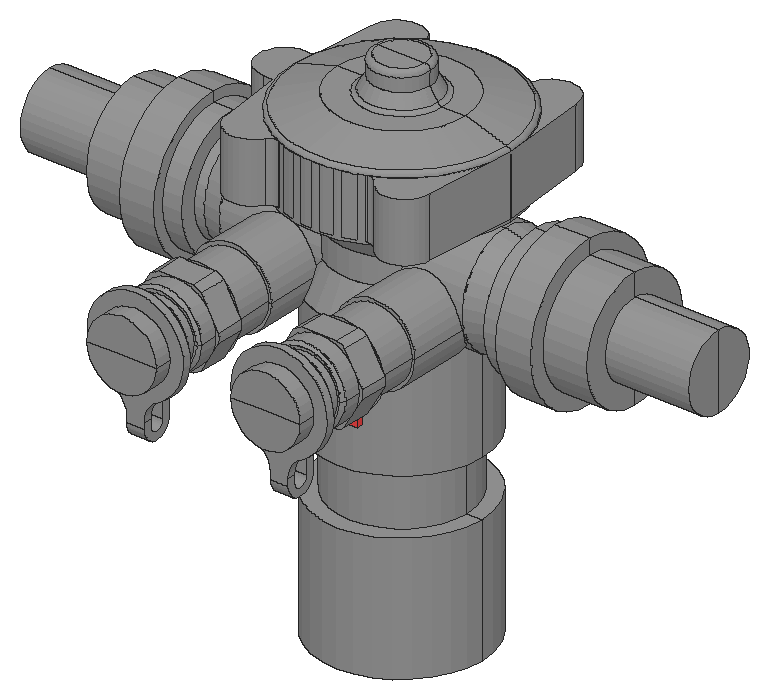
Revit family "Kombiventil 4006_M_SMART_LF_MF", category Rohrzubehör, Revit 2021
Family settings
  Bemaßung runder Anschluss = Durchmesser verwenden
  Teiletyp = Unterbricht
  OmniClass-Nummer = 23.65.55.14
  OmniClass-Titel = Valves for Liquid Services
  Arbeitsebenenbasiert = Nein
  Immer vertikal = Ja
  Beim Laden mit Abzugskörper schneiden = Nein
  Gemeinsam genutzt = Nein
Parameters (values of type "MF")
  kvs-Wert [instance] = if(and(Nennweite = 15.000 mm, LF), 0.22, if(and(Nennweite = 15.000 mm, MF), 0.36, 0))  # 0.36
  Vorgabe-Ansicht = 0.000 mm
  Min. Betriebstemperatur (reines Wasser) = 2 °C  # constant formula
  Min. Betriebstemperatur (Frostschutz) = -20 °C  # constant formula
  Max. Differenzdruck am Gehäuse = 400000.0 Pa  # constant formula
  Max. Betriebstemperatur ab DN40 = 110 °C  # constant formula
  Max. Betriebstemperatur bis DN32 = 130 °C  # constant formula
  Max. Betriebsdruck = 2500000.0 Pa  # constant formula
  VRL01 = 30.000 mm  # constant formula
  V12 = 17.000 mm  # constant formula
  V10 = 7.000 mm  # constant formula
  V09 [instance] = L06 + 4.000 mm  # 11.000 mm
  V04 [instance] = V08 + 3.000 mm  # 13.000 mm
  V03 [instance] = V08 + 5.000 mm  # 15.000 mm
  V02 [instance] = V01 + 4.500 mm  # 12.000 mm
  V01 [instance] = Nennweite / 2  # 7.500 mm
  URL = "www.herz-armaturen.at"
  Stift = "Edelstahl 14301"  # constant formula
  SCRNSEQ = "ARM;ARM_TYP=\"DURR\";2"
  SCRNCODE = "05;04;02"  # constant formula
  S09 = 10.000 mm  # constant formula
  S08 = 30.000 mm  # constant formula
  S07 [instance] = H03 + 3.700 mm  # 10.051 mm
  S04 [instance] = V03 * 2  # 30.000 mm
  S01 [instance] = L01 + L02 + VRL01 * 2  # 135.000 mm
  R17 [instance] = size_lookup("4006M_S_LF_MF", "R17", 12.500 mm, Nennweite)  # 12.500 mm
  R16 [instance] = size_lookup("4006M_S_LF_MF", "R16", 16.500 mm, Nennweite)  # 16.500 mm
  R15 = 7.225 mm  # constant formula
  R14 = 8.070 mm  # constant formula
  R13 = 3.496 mm  # constant formula
  R12 = 6.800 mm  # constant formula
  R11 = 9.620 mm  # constant formula
  R10 = 6.800 mm  # constant formula
  R09 = 16.292 mm  # constant formula
  R08 = 13.212 mm  # constant formula
  R07 = 18.816 mm  # constant formula
  R06 = 22.000 mm  # constant formula
  R05 = 12.954 mm  # constant formula
  R04 = 7.193 mm  # constant formula
  R03 = 5.755 mm  # constant formula
  R02 = 4.670 mm  # constant formula
  R01 [instance] = size_lookup("4006M_S_LF_MF", "R01", 11.000 mm, Nennweite)  # 11.000 mm
  PN = 16  # constant formula
  O-Ringe = "EPDM"  # constant formula
  V08 [instance] = size_lookup("4006M_S_LF_MF", "N2", 10.000 mm, Nennweite)  # 10.000 mm
  Nennweite/2 [instance] = size_lookup("4006M_S_LF_MF", "N1", 8.000 mm, Nennweite)  # 9.000 mm
  Nennweite [instance] = 15.000 mm
  Membrangehäuse = "Messing CW602N"  # constant formula
  Membrane = "EPDM"  # constant formula
  Medium = "Wasserbeschaffenheit nach ÖNORM H 5195 und VDI 2035.\r\nDie Verwendung von Ethylen- und Propylenglykol ist im Mischungsverhältnis 25 - 50 Vol.- [%] zulässig.\r\nIm Hanf enthaltenes Ammoniak schädigt Messingventilgehäuse. EPDM Dichtungen werden durch Mineralöle bzw.\r\nmineralölhaltige Schmierstoffe aufgequollen und führen somit zum Ausfall der EPDM-Dichtungen. Für Frost- und\r\nKorrosionsschutzmittel auf der Basis von Ethylen- und Propylenglykol sind die entsprechenden Angaben den\r\nUnterlagen des Herstellers zu entnehmen.\r\nGemäß Art 33 der REACH-Verordnung (EG Nr. 1907/2006) sind wir verpflichtet, darauf hinzuweisen, dass der\r\nStoff Blei auf der SVHC-Liste geführt wird und dass alle aus Messing bestehenden Bauteile, die in unseren\r\nErzeugnissen verarbeitet sind, mehr als 0,1 % (w/w) Blei (CAS: 7439-92-1 / EINECS: 231-100-4) enthalten. Da Blei\r\nals Legierungsbestandteil fest gebunden ist, sind keine Expositionen zu erwarten und daher sind keine zusätzlichen\r\nAngaben zur sicheren Verwendung notwendig."
  MF [instance] = yes
  LF [instance] = no
  L15 [instance] = size_lookup("4006M_S_LF_MF", "L15", 3.300 mm, Nennweite)  # 3.300 mm
  L14 [instance] = size_lookup("4006M_S_LF_MF", "L14", 43.477 mm, Nennweite)  # 43.477 mm
  L13 [instance] = size_lookup("4006M_S_LF_MF", "L13", 32.232 mm, Nennweite)  # 32.232 mm
  L12 [instance] = size_lookup("4006M_S_LF_MF", "L12", 6.497 mm, Nennweite)  # 6.497 mm
  L11 [instance] = size_lookup("4006M_S_LF_MF", "L11", 5.418 mm, Nennweite)  # 5.418 mm
  L10 [instance] = size_lookup("4006M_S_LF_MF", "L10", 12.434 mm, Nennweite)  # 12.434 mm
  L09 [instance] = size_lookup("4006M_S_LF_MF", "L09", 24.943 mm, Nennweite)  # 24.943 mm
  L08 [instance] = size_lookup("4006M_S_LF_MF", "L08", 28.260 mm, Nennweite)  # 28.260 mm
  L07 [instance] = size_lookup("4006M_S_LF_MF", "L07", 33.915 mm, Nennweite)  # 33.915 mm
  L06 = 7.000 mm  # constant formula
  L05 = 9.000 mm  # constant formula
  L04 = 21.000 mm  # constant formula
  L03 = 28.000 mm  # constant formula
  L02 = 34.000 mm  # constant formula
  L01 = 41.000 mm  # constant formula
  Impulsleitung = "Kupfer Cu-DHP (CW024A)"  # constant formula
  Hub = 4.000 mm  # constant formula
  Hersteller = "HERZ Armaturen Ges.m.b.H."  # constant formula
  H04 = 12.000 mm  # constant formula
  H03 = 6.351 mm  # constant formula
  H02 [instance] = size_lookup("4006M_S_LF_MF", "H2", 69.000 mm, Nennweite)  # 69.000 mm
  H01 [instance] = size_lookup("4006M_S_LF_MF", "H1", 35.000 mm, Nennweite)  # 35.000 mm
  H [instance] = 112.553 mm  # constant formula
  Gehäuse = "DZR Messing CC770S"  # constant formula
  E20 = 108.221 mm  # constant formula
  E19 = 5.000 mm  # constant formula
  E18 = 5.150 mm  # constant formula
  E17 = 28.850 mm  # constant formula
  E16 = 23.700 mm  # constant formula
  E15 = 21.877 mm  # constant formula
  E14 = 20.506 mm  # constant formula
  E13 = 11.063 mm  # constant formula
  E12 = 9.001 mm  # constant formula
  E11 = 10.700 mm  # constant formula
  E10 = 20.427 mm  # constant formula
  E09 = 20.075 mm  # constant formula
  E08 = 20.825 mm  # constant formula
  E07 = 5.150 mm  # constant formula
  E06 = 17.921 mm  # constant formula
  E05 = 20.519 mm  # constant formula
  E04 = 19.704 mm  # constant formula
  E03 = 18.385 mm  # constant formula
  E02 = 20.014 mm  # constant formula
  E01 = 23.000 mm  # constant formula
  Durchfluss bei Einstellung 100% [instance] = if(and(Nennweite = 15.000 mm, LF), 0.03 L/s, if(and(Nennweite = 15.000 mm, MF), 0.05 L/s, 0.0 L/s))  # 0.05 L/s
  Druckfeder = "Federstahl"  # constant formula
  Bestellnummer Verschraubung [instance] = if(and(LF, Nennweite = 15.000 mm), 1622021, if(and(MF, Nennweite = 15.000 mm), 1622021, 0))  # 1622021
  Bestellnummer [instance] = if(and(LF, Nennweite = 15.000 mm), 1400630, if(and(MF, Nennweite = 15.000 mm), 1400639, 0))  # 1400639
  Bauschutzkappe = "Kunststoff"  # constant formula
  B09 = 7.998 mm  # constant formula
  B08 = 23.556 mm  # constant formula
  B07 = 30.908 mm  # constant formula
  B06 = 39.471 mm  # constant formula
  B05 = 40.933 mm  # constant formula
  B04 = 41.901 mm  # constant formula
  B03 = 44.372 mm  # constant formula
  B02 = 45.400 mm  # constant formula
  B01 = 50.000 mm  # constant formula
  Anwendungsgebiet = "Das Kombiventil wird in allen pumpenbetriebenen Heiz- und Kühlanlagen eingesetzt. Der Regler begrenzt automatisch\r\nden Volumenstrom im gewählten Anlagenteil auf den einmal eingestellten Wert, indem alle Druckschwankungen\r\ngemessen und ausgeregelt werden. Somit sind keine Messungen erforderlich und die Regelung ist bei allen\r\nBetriebsbedingungen effektiv. Das Kombiventil regelt den Volumenstrom der ventileigenen Voreinstellung auf einen\r\nkonstanten Wert; die Membran regelt aufgrund des Druckes unmittelbar nach dem Regeleinsatz, sowie des Druckes\r\ndavor."
  Anschluss = "3/4, AG flachdichtend"  # constant formula
Types (3, lengths in mm): name | kvs-Wert | MF | LF | Durchfluss bei Einstellung 100% | Bestellnummer
  (no name) | 0.36 | yes | no | 0.05 L/s | 1400639
  LF | 0.22 | no | yes | 0.03 L/s | 1400630
  MF | 0.36 | yes | no | 0.05 L/s | 1400639
Reference planes
  plane 1 "Mitte (Vorne/hinten)": y = 0
  plane 2: z = 0
  plane 3 "Mitte (Links/rechts)": x = 0
Forms (mm)
  Revolve 1, solid, material "Messing, weicher Gelbton, geschweißt", detail levels fine
    sketch origin (0, 0, 0) x (1, 0, 0) y (0, 0, 1)
      loop
        line (-41, 9) -> (-34, 9) -> (-34, 0) -> (27, 0) -> (27, 9) -> (34, 9) -> (34, 10) -> (25, 10) -> (21, 11) -> (-28, 11) -> (-32, 10) -> (-41, 10) -> (-41, 9)
      axis (-41, 0) -> (34, 0)
    angle from 0 to 360
  Revolve 2, solid, material "Messing, weicher Gelbton, geschweißt", detail levels fine
    sketch origin (0, 0, 0) x (1, 0, 0) y (0, 0, 1)
      loop
        line (0, -69) -> (16.292, -69) -> (16.292, -43.477) -> (13.212, -43.477) -> (13.212, -32.232) -> (16.292, -32.232) -> (16.292, -6.497) -> (13.212, 0.106) -> (13.212, 5.418) -> (18.816, 12.434) -> (22, 12.434) -> (22, 24.943)
        arc (22, 24.943) -> (21.752, 25.523) -> (21.223, 25.866) r 1.085
        line (21.223, 25.866) -> (12.954, 28.26) -> (8.134, 28.26)
        arc (8.134, 28.26) -> (7.591, 28.406) -> (7.193, 28.803) r 1.086
        line (7.193, 28.803) -> (5.755, 31.294) -> (5.755, 33.915)
        arc (5.755, 33.915) -> (5.437, 34.682) -> (4.67, 35) r 1.085
        line (4.67, 35) -> (0, 35) -> (0, -69)
      axis (0, 35) -> (0, -69)
    angle from 0 to 360
  Extrusion 3, solid, material "Messing, weicher Gelbton, geschweißt", detail levels fine
    sketch origin (0, 0, 28.917) x (1, 0, 0) y (0, 1, 0)
      loop
        arc (-20.506, 17.921) -> (-21.381, 11.556) -> (-21.877, 5.15) r 108.259
        line (-21.877, 5.15) -> (-23.7, 5.15)
        arc (-23.7, 5.15) -> (-27.342, 3.642) -> (-28.85, 0) r 5.15
        arc (-28.85, 0) -> (-27.342, -3.642) -> (-23.7, -5.15) r 5.15
        line (-23.7, -5.15) -> (-21.877, -5.15)
        arc (-21.877, -5.15) -> (-21.356, -11.79) -> (-20.427, -18.385) r 108.259
        arc (-20.427, -18.385) -> (-16.688, -23.223) -> (-11.063, -20.825) r 5
        arc (-11.063, -20.825) -> (-10.143, -20.146) -> (-9.001, -20.075) r 2.019
        arc (-9.001, -20.075) -> (0, -22.001) -> (9.001, -20.075) r 22.001
        arc (9.001, -20.075) -> (10.143, -20.145) -> (11.063, -20.825) r 2.019
        arc (11.063, -20.825) -> (16.688, -23.223) -> (20.427, -18.385) r 5
        arc (20.427, -18.385) -> (22, 0) -> (20.427, 18.385) r 108.221
        arc (20.427, 18.385) -> (16.253, 23.316) -> (10.7, 20.014) r 5
        arc (10.7, 20.014) -> (9.88, 19.699) -> (9.001, 19.704) r 2.379
        arc (9.001, 19.704) -> (0, 21.663) -> (-9.001, 19.704) r 21.663
        arc (-9.001, 19.704) -> (-10.161, 19.785) -> (-11.063, 20.519) r 1.927
        arc (-11.063, 20.519) -> (-16.774, 22.818) -> (-20.506, 17.921) r 5.079
    from -15.973 to -3.973
  Revolve 4, solid, material "Messing, weicher Gelbton, geschweißt", detail levels fine
    sketch origin (0, 0, -3.3) x (1, 0, 0) y (0, 1, 0)
      loop
        line (-24.57, -7.998) -> (-24.57, -22.322) -> (-16.5, -22.322) -> (-16.5, -7.998) -> (-24.57, -7.998)
      axis (-16.5, -7.998) -> (-16.5, -22.322)
    angle from 0 to 360
  Revolve 5, solid, material "Messing, weicher Gelbton, geschweißt", detail levels fine
    sketch origin (-4, 0, -3.3) x (-1, 0, 0) y (0, -1, 0)
      loop
        line (-24.57, 7.998) -> (-16.5, 7.998) -> (-16.5, 22.322) -> (-24.57, 22.322) -> (-24.57, 7.998)
      axis (-16.5, 22.322) -> (-16.5, 7.998)
    angle from 0 to 360
  Revolve 6, solid, material "Messing, weicher Gelbton, geschweißt", detail levels fine
    sketch origin (0, 0, 0) x (1, 0, 0) y (0, 0, 1)
      loop
        line (34, 0) -> (64, 0) -> (64, 7.5) -> (47, 7.5) -> (47, 12) -> (38, 12) -> (38, 15) -> (31, 15) -> (31, 13) -> (27, 13) -> (27, 10) -> (34, 10) -> (34, 0)
      axis (27, 0) -> (64, 0)
    angle from 0 to 360
  Revolve 7, solid, material "Messing, weicher Gelbton, geschweißt", detail levels fine
    sketch origin (-7, 0, 0) x (-1, 0, 0) y (0, 0, -1)
      loop
        line (34, 0) -> (34, -10) -> (27, -10) -> (27, -13) -> (31, -13) -> (31, -15) -> (38, -15) -> (38, -12) -> (47, -12) -> (47, -7.5) -> (64, -7.5) -> (64, 0) -> (34, 0)
      axis (27, 0) -> (64, 0)
    angle from 0 to 360
Lines and regions (mm)
  model lines, detail levels coarse+medium
    curve 1: line (67.5, -15, 0) -> (67.5, 15, 0)
    curve 2: line (67.5, 15, 0) -> (-67.5, -15, 0)
    curve 3: line (-67.5, -15, 0) -> (-67.5, 15, 0)
    curve 4: line (-67.5, 15, 0) -> (67.5, -15, 0)
    curve 5: line (-67.5, 14.673, 0) -> (0, -12.434, 0)
    curve 6: line (0, -12.434, 0) -> (67.5, 14.673, 0)
    curve 7: line (0, -12.434, 0) -> (0, -24.949, 0)
    curve 8: spline (-22, -29.974, 0) -> (-21.25, -28.674, 0) -> (-19.053, -27.462, 0) -> (-15.556, -26.421, 0) -> (-11, -25.622, 0) -> (-5.694, -25.12, 0) -> (0, -24.949, 0) -> (5.694, -25.12, 0) -> (11, -25.622, 0) -> (15.556, -26.421, 0) -> (19.053, -27.462, 0) -> (21.25, -28.674, 0) -> (22, -29.975, 0) -> (21.25, -31.275, 0) -> (19.053, -32.487, 0) -> (15.556, -33.528, 0) -> (11, -34.327, 0) -> (5.694, -34.829, 0) -> (0, -35, 0) -> (-5.694, -34.829, 0) -> (-11, -34.327, 0) -> (-15.556, -33.528, 0) -> (-19.053, -32.487, 0) -> (-21.25, -31.275, 0) -> (-22, -29.974, 0)
    curve 9: line (-67.5, 0, 15) -> (-67.5, 0, -15)
    curve 10: line (-67.5, 0, -15) -> (67.5, 0, 15)
    curve 11: line (67.5, 0, 15) -> (67.5, 0, -15)
    curve 12: line (67.5, 0, -15) -> (-67.5, 0, 15)
    curve 13: line (67.638, 0, -15.031) -> (0, 0, 12.434)
    curve 14: line (0, 0, 12.434) -> (-67.5, 0, -15)
    curve 15: line (0, 0, 12.434) -> (0, 0, 24.949)
    curve 16: spline (-22, 0, 29.975) -> (-21.25, 0, 31.275) -> (-19.053, 0, 32.487) -> (-15.556, 0, 33.528) -> (-11, 0, 34.327) -> (-5.694, 0, 34.829) -> (0, 0, 35) -> (5.694, 0, 34.829) -> (11, 0, 34.327) -> (15.556, 0, 33.528) -> (19.053, 0, 32.487) -> (21.25, 0, 31.275) -> (22, 0, 29.974) -> (21.25, 0, 28.674) -> (19.053, 0, 27.462) -> (15.556, 0, 26.421) -> (11, 0, 25.622) -> (5.694, 0, 25.12) -> (0, 0, 24.949) -> (-5.694, 0, 25.12) -> (-11, 0, 25.622) -> (-15.556, 0, 26.421) -> (-19.053, 0, 27.462) -> (-21.25, 0, 28.674) -> (-22, 0, 29.975)
    curve 17: line (-67.5, 0, 15) -> (-77.5, 0, 15)
    curve 18: line (-77.5, 0, 15) -> (-67.5, 0, 0)
    curve 19: line (-67.5, 0, -15) -> (-77.5, 0, -15)
    curve 20: line (-77.5, 0, -15) -> (-67.5, 0, 0)
    curve 21: line (-67.5, 0, 0) -> (-97.5, 0, 0)
    curve 22: line (67.5, 0, 15) -> (77.5, 0, 15)
    curve 23: line (77.5, 0, 15) -> (67.5, 0, 0)
    curve 24: line (67.5, 0, -15) -> (77.5, 0, -15)
    curve 25: line (77.5, 0, -15) -> (67.5, 0, 0)
    curve 26: line (67.5, 0, 0) -> (97.5, 0, 0)
Dimensions and locks
  "H02": level to Revolve 2 sketch curve
  "L01": plane 3 "Mitte (Links/rechts)" to Revolve 1 sketch curve
  "V08": Revolve 1 sketch curve to Revolve 1 sketch curve  (x2)
  "Nennweite/2": Revolve 1 sketch curve to Revolve 1 sketch curve  (x2)
  "E01": plane 1 "Mitte (Vorne/hinten)" to Extrusion 3 sketch curve
  "L03": plane 3 "Mitte (Links/rechts)" to Revolve 1 sketch curve
  "L04": Revolve 1 sketch curve to plane 3 "Mitte (Links/rechts)"
  "L05": Revolve 1 sketch curve to Revolve 1 sketch curve  (x2)
  "L06": Revolve 1 sketch curve to Revolve 1 sketch curve  (x2)
  "L02": Revolve 1 sketch curve to plane 3 "Mitte (Links/rechts)"
  "H01": Revolve 2 sketch curve to level
  "R02": Revolve 2 sketch curve to Revolve 2 sketch curve
  "R03": Revolve 2 sketch curve to Revolve 2 sketch curve
  "R04": Revolve 2 sketch curve to Revolve 2 sketch curve
  "R05": Revolve 2 sketch curve to Revolve 2 sketch curve
  "R06": Revolve 2 sketch curve to Revolve 2 sketch curve
  "R07": Revolve 2 sketch curve to Revolve 2 sketch curve
  "R08": Revolve 2 sketch curve to Revolve 2 sketch curve  (x2)
  "R09": Revolve 2 sketch curve to Revolve 2 sketch curve  (x2)
  "L07": Revolve 2 sketch curve to plane 2
  "L08": Revolve 2 sketch curve to plane 2
  "L09": Revolve 2 sketch curve to plane 2
  "L10": Revolve 2 sketch curve to plane 2
  "L11": Revolve 2 sketch curve to plane 2
  "L12": plane 2 to Revolve 2 sketch curve
  "L13": plane 2 to Revolve 2 sketch curve
  "L14": plane 2 to Revolve 2 sketch curve
  "B09": Revolve 4 sketch curve to plane 1 "Mitte (Vorne/hinten)"
  "R14": Revolve 4 sketch curve to Revolve 4 sketch curve
  "R14": Revolve 5 sketch curve to Revolve 5 sketch curve
  "B09": plane 1 "Mitte (Vorne/hinten)" to Revolve 5 sketch curve
  "R17": plane 3 "Mitte (Links/rechts)" to Revolve 5 sketch curve
  "E02": plane 1 "Mitte (Vorne/hinten)" to Extrusion 3 sketch curve
  "E03": plane 1 "Mitte (Vorne/hinten)" to Extrusion 3 sketch curve
  "E04": plane 1 "Mitte (Vorne/hinten)" to Extrusion 3 sketch curve  (x2)
  "E05": plane 1 "Mitte (Vorne/hinten)" to Extrusion 3 sketch curve
  "E06": plane 1 "Mitte (Vorne/hinten)" to Extrusion 3 sketch curve
  "E07": plane 1 "Mitte (Vorne/hinten)" to Extrusion 3 sketch curve  (x2)
  "E03": Extrusion 3 sketch curve to plane 1 "Mitte (Vorne/hinten)"  (x2)
  "E08": Extrusion 3 sketch curve to plane 1 "Mitte (Vorne/hinten)"  (x2)
  "E09": Extrusion 3 sketch curve to plane 1 "Mitte (Vorne/hinten)"  (x2)
  "E07": Extrusion 3 sketch curve to plane 1 "Mitte (Vorne/hinten)"
  "E10": plane 3 "Mitte (Links/rechts)" to Extrusion 3 sketch curve  (x2)
  "E11": plane 3 "Mitte (Links/rechts)" to Extrusion 3 sketch curve
  "E12": plane 3 "Mitte (Links/rechts)" to Extrusion 3 sketch curve  (x2)
  "E12": Extrusion 3 sketch curve to plane 3 "Mitte (Links/rechts)"  (x2)
  "E13": Extrusion 3 sketch curve to plane 3 "Mitte (Links/rechts)"  (x2)
  "E14": Extrusion 3 sketch curve to plane 3 "Mitte (Links/rechts)"
  "E15": Extrusion 3 sketch curve to plane 3 "Mitte (Links/rechts)"  (x2)
  "E16": Extrusion 3 sketch curve to plane 3 "Mitte (Links/rechts)"  (x2)
  "E17": Extrusion 3 sketch curve to plane 3 "Mitte (Links/rechts)"
  "E10": Extrusion 3 sketch curve to plane 3 "Mitte (Links/rechts)"
  "E13": plane 3 "Mitte (Links/rechts)" to Extrusion 3 sketch curve
  "H03": Revolve 2 to Extrusion 3
  "H04": Extrusion 3 to Extrusion 3
  "R01": Revolve 1 sketch curve to Revolve 1 sketch curve
  "L06": Revolve 6 sketch curve to Revolve 6 sketch curve
  "V09": Revolve 6 sketch curve to Revolve 6 sketch curve
  "V10": Revolve 6 sketch curve to Revolve 6 sketch curve
  "V12": Revolve 6 sketch curve to Revolve 6 sketch curve
  "V01": Revolve 6 sketch curve to plane 2
  "V02": Revolve 6 sketch curve to plane 2
  "V08": Revolve 6 sketch curve to plane 2
  "V04": Revolve 6 sketch curve to plane 2
  "V03": Revolve 6 sketch curve to plane 2
  "L02": Revolve 6 sketch curve to plane 3 "Mitte (Links/rechts)"
  "L06": Revolve 7 sketch curve to Revolve 7 sketch curve
  "V09": Revolve 7 sketch curve to Revolve 7 sketch curve
  "V10": Revolve 7 sketch curve to Revolve 7 sketch curve
  "V12": Revolve 7 sketch curve to Revolve 7 sketch curve
  "V01": Revolve 7 sketch curve to plane 2
  "V02": Revolve 7 sketch curve to plane 2
  "V03": Revolve 7 sketch curve to plane 2
  "V04": Revolve 7 sketch curve to plane 2
  "V08": Revolve 7 sketch curve to plane 2
  "L01": plane 3 "Mitte (Links/rechts)" to Revolve 7 sketch curve
  "S04": curve 3 to curve 4
  "S04": curve 4 to curve 2
  "S01": curve 3 to curve 1
  equal spacing: curve 3, plane 3 "Mitte (Links/rechts)", curve 1
  equal spacing: curve 3, plane 1 "Mitte (Vorne/hinten)", curve 4
  equal spacing: curve 4, plane 1 "Mitte (Vorne/hinten)", curve 2
  "R06": curve 8 to plane 3 "Mitte (Links/rechts)" to curve 8
  "S07": curve 8 to curve 8
  "H01": curve 8 to plane 1 "Mitte (Vorne/hinten)"
  "L10": curve 7 to plane 1 "Mitte (Vorne/hinten)"
  "S01": curve 9 to curve 11
  "R06": curve 16 to plane 3 "Mitte (Links/rechts)" to curve 16
  "S07": curve 16 to curve 16
  "H01": curve 16 to plane 2
  "L10": curve 15 to plane 2
  equal spacing: curve 9, plane 3 "Mitte (Links/rechts)", curve 11
  "S04": curve 12 to curve 10
  "S04": curve 11 to curve 12
  equal spacing: curve 12, plane 2, curve 14
  equal spacing: curve 11, plane 2, curve 12
  "VRL01": Revolve 7 sketch curve to Revolve 7 sketch curve
  "VRL01": Revolve 6 sketch curve to Revolve 6 sketch curve
  "S09": curve 18 to curve 9
  "S08": curve 21 to curve 9
  "S09": curve 20 to curve 9
  "S09": curve 11 to curve 23
  "S09": curve 11 to curve 25
  "V03": curve 17 to plane 2
  "V03": plane 2 to curve 19
  "S08": curve 11 to curve 26
  "V03": curve 22 to plane 2
  "V03": plane 2 to curve 24
  "R16": Revolve 4 sketch curve to plane 3 "Mitte (Links/rechts)"
  "L15": plane 2 to nested 2
  "L15": plane 2 to nested 3
  "L15": plane 2 to Revolve 4
  "L15": plane 2 to Revolve 5
  "E18": radius of Extrusion 3 sketch curve  (x2)
  "E19": radius of Extrusion 3 sketch curve  (x3)
  "E20": radius of Extrusion 3 sketch curve
  aligned and locked: level to plane 2
Automatic sketch dimensions
  curve 18 to level = 0.000 mm
  curve 26 to level = 0.000 mm
  curve 17 to curve 18 = 10.000 mm
  curve 26 to curve 22 = 10.000 mm
  curve 17 to curve 17 = 10.000 mm
  curve 19 to curve 19 = 10.000 mm
  curve 22 to curve 22 = 10.000 mm
  curve 24 to curve 24 = 10.000 mm
  curve 6 to plane 3 "Mitte (Links/rechts)" = 0.000 mm
  curve 6 to curve 1 = 0.327 mm
  curve 5 to curve 3 = 0.327 mm
  Revolve 1 sketch curve to level = 0.000 mm  (x2)
  Revolve 1 sketch curve to Revolve 1 sketch curve = 1307.458 mm
  Revolve 1 sketch curve to Revolve 1 sketch curve = 1854.450 mm
  Revolve 2 sketch curve to plane 3 "Mitte (Links/rechts)" = 0.000 mm  (x2)
  Revolve 2 sketch curve to Revolve 2 sketch curve = 0.941 mm
  Revolve 2 sketch curve to Revolve 2 sketch curve = 1.078 mm
  Revolve 2 sketch curve to Revolve 2 sketch curve = 0.302 mm
  level to Revolve 2 sketch curve = 0.106 mm
  Revolve 2 sketch curve to Revolve 2 sketch curve = 0.119 mm
  Revolve 2 sketch curve to Revolve 2 sketch curve = 0.543 mm
  Revolve 2 sketch curve to Revolve 2 sketch curve = 2.621 mm
  Revolve 2 sketch curve to Revolve 2 sketch curve = 297.045 mm
  Revolve 2 sketch curve to Revolve 2 sketch curve = 2179.315 mm
  Extrusion 3 sketch curve to Extrusion 3 sketch curve = 0.000 mm  (x4)
  plane 1 "Mitte (Vorne/hinten)" to Extrusion 3 sketch curve = 0.000 mm
  Extrusion 3 sketch curve to Extrusion 3 sketch curve = 1.610 mm  (x2)
  Extrusion 3 sketch curve to Extrusion 3 sketch curve = 0.451 mm
  Extrusion 3 sketch curve to Extrusion 3 sketch curve = 0.452 mm
  Revolve 4 sketch curve to Revolve 4 sketch curve = 14.324 mm
  Revolve 4 sketch curve to Revolve 4 sketch curve = 0.000 mm  (x2)
  Revolve 4 sketch curve to Revolve 4 sketch curve = 27.678 mm
  Revolve 5 sketch curve to Revolve 5 sketch curve = 14.324 mm
  plane 3 "Mitte (Links/rechts)" to Revolve 5 sketch curve = 12.500 mm
  Revolve 5 sketch curve to Revolve 5 sketch curve = 0.000 mm
  Revolve 5 sketch curve to Revolve 5 sketch curve = 27.678 mm
  Revolve 6 sketch curve to level = 0.000 mm  (x2)
  Revolve 6 sketch curve to Revolve 6 sketch curve = 0.000 mm  (x2)
  Revolve 7 sketch curve to level = 0.000 mm  (x2)
  Revolve 7 sketch curve to Revolve 7 sketch curve = 0.000 mm  (x2)
  curve 14 to plane 3 "Mitte (Links/rechts)" = 0.000 mm
  curve 9 to level = 15.000 mm
  curve 13 to level = 15.031 mm
Nested families
  nested 1: "Herz-Logo-vorne" at (0, -16.056, -19.148) x (0, 1, 0) z (0, 0, 1), type "Herz-Logo-vorne", detail levels fine
  nested 2: "Messstutzen_Band_Eintritt" at (-16.5, -13.322, -3.3), type "Messstutzen_Band_Eintritt", detail levels fine
    with Schutzkappe yes, Nennweite 0.000 mm, Gewicht 0.00 kg, Bestellnummer 0
  nested 3: "Messstutzen_Band_Austritt" at (12.5, -13.322, -3.3), type "Messstutzen_Band_Austritt", detail levels fine
    with Schutzkappe yes, Nennweite 0.000 mm, Gewicht 0.00 kg, Bestellnummer 0
Connectors
  piping at (64, 0, 0), diameter 15, driven by "Nennweite"
    settings: on Revolve 6, index 1, connector inside diameter 609.6 mm, connector length 0.000 mm, flow factor 0, pipe flow 0.0 L/s, pressure drop 0.0 Pa, fitting loss kfactor 0, connector angle 0.00°, fixture units 0, engagement length 0.000 mm, angle of deflection 0.00°, flow configuration 0, flow direction 2, fitting loss method 0, system type 29, joint type 0, gender type 0, connector reference index -1, connector utility 0, adjustable connector no, is connector primary yes, connector description ""
  piping at (-71, 0, 0), diameter 15, driven by "Nennweite"
    settings: on Revolve 7, index 2, connector inside diameter 609.6 mm, connector length 0.000 mm, flow factor 0, pipe flow 0.0 L/s, pressure drop 0.0 Pa, fitting loss kfactor 0, connector angle 0.00°, fixture units 0, engagement length 0.000 mm, angle of deflection 0.00°, flow configuration 0, flow direction 1, fitting loss method 0, system type 29, joint type 0, gender type 0, connector reference index -1, connector utility 0, adjustable connector no, is connector primary no, connector description ""
Definition of nested family "Herz-Logo-vorne"
  Parameters (values of type "Herz-Logo-vorne")
    Default Elevation = 0.000 mm
  Reference planes
    plane 1 "Mitte (Vorne/hinten)": y = 0
    plane 2: z = 0
    plane 3 "Mitte (Links/rechts)": x = 0
  Forms (mm)
    Extrusion 1, solid
      sketch origin (0.732, -0.018, 0.017) x (0, -1, 0) y (0, 0, 1)
        loop
          line (-0.018, -4.517) -> (4.482, -4.517) -> (4.482, 4.483) -> (-4.518, 4.483) -> (-4.518, -4.517) -> (-0.018, -4.517)
        loop
          line (-0.05, -3.48) -> (3.482, -3.48) -> (3.482, 3.483) -> (-3.518, 3.483) -> (-3.518, -3.48) -> (-0.05, -3.48)
        loop
          arc (-0.018, 2.383) -> (-1.543, 3.287) -> (-3.067, 2.383) r 1.738
          arc (-3.067, 2.383) -> (-3.191, 1.899) -> (-3.067, 1.415) r 1.009
          line (-3.067, 1.415) -> (-0.018, -3.281) -> (3.032, 1.415)
          arc (3.032, 1.415) -> (3.156, 1.899) -> (3.032, 2.383) r 1.009
          arc (3.032, 2.383) -> (1.507, 3.287) -> (-0.018, 2.383) r 1.738
        loop
          arc (1.885, 1.272) -> (2.005, 1.675) -> (1.885, 2.079) r 0.74
          arc (1.885, 2.079) -> (1.265, 2.416) -> (0.644, 2.079) r 0.74
          line (0.644, 2.079) -> (-0.018, 0.97) -> (-0.679, 2.079)
          arc (-0.679, 2.079) -> (-1.3, 2.416) -> (-1.921, 2.079) r 0.74
          arc (-1.921, 2.079) -> (-2.04, 1.675) -> (-1.921, 1.272) r 0.74
          line (-1.921, 1.272) -> (-0.018, -1.658) -> (1.885, 1.272)
      from 0 to 1.5
  Dimensions and locks
    aligned and locked: level to plane 2
Definition of nested family "Messstutzen_Band_Eintritt"
  Parameters (values of type "Messstutzen_Band_Eintritt")
    Default Elevation = 0.000 mm
    URL = "www.herz-armaturen.at"
    Schutzkappe [instance] = yes
    Nennweite [instance] = 0.000 mm
    Manufacturer = "Herz Armaturen GmbH"  # constant formula
    Gewicht [instance] = 0.00 kg
    Bestellnummer [instance] = 0
  Reference planes
    plane 1 "Mitte (Vorne/hinten)": y = 0
    plane 2: z = 0
    plane 3 "Mitte (Links/rechts)": x = 0
    plane 4 "Schlaufe 1": y = -27
    plane 5 "Schlaufe 2": y = -31.678
  Forms (mm)
    Revolve 1, solid, detail levels fine
      sketch origin (0, 0, 0) x (1, 0, 0) y (0, 1, 0)
        loop
          line (-7.4, -9) -> (-7.4, -16.5)
          arc (-7.4, -16.5) -> (-7.693, -17.207) -> (-8.4, -17.5) r 1
          line (-8.4, -17.5) -> (-2, -17.5) -> (-2, 0) -> (-5.555, 0) -> (-6.455, -0.9) -> (-6.455, -4.681) -> (-5.843, -5.293)
          arc (-5.843, -5.293) -> (-5.626, -5.617) -> (-5.55, -6) r 1
          line (-5.55, -6) -> (-5.55, -9) -> (-7.4, -9)
        loop
          line (-3.7, -27) -> (-3.7, -30.45) -> (-4.415, -30.863) -> (-4.415, -35.19) -> (-3.805, -35.8) -> (-2, -35.8) -> (-2, -23) -> (-7.9, -23) -> (-7.9, -26.4) -> (-7.3, -27) -> (-3.7, -27)
        axis (0, 0) -> (0, -35.8)
      angle from 0 to 360
    Extrusion 2, solid, detail levels fine
      sketch origin (0, -17.5, 0) x (-1, 0, 0) y (0, 0, -1)
        loop
          line (5.156, -7.07) -> (8.7, -0.93)
          arc (8.7, -0.93) -> (8.75, 0) -> (8.7, 0.93) r 8.75
          line (8.7, 0.93) -> (5.156, 7.07)
          arc (5.156, 7.07) -> (4.375, 7.578) -> (3.544, 8) r 8.75
          line (3.544, 8) -> (-3.544, 8)
          arc (-3.544, 8) -> (-4.375, 7.578) -> (-5.156, 7.07) r 8.75
          line (-5.156, 7.07) -> (-8.7, 0.93)
          arc (-8.7, 0.93) -> (-8.75, 0) -> (-8.7, -0.93) r 8.75
          line (-8.7, -0.93) -> (-5.156, -7.07)
          arc (-5.156, -7.07) -> (-4.375, -7.578) -> (-3.544, -8) r 8.75
          line (-3.544, -8) -> (3.544, -8)
          arc (3.544, -8) -> (4.375, -7.578) -> (5.156, -7.07) r 8.75
      from 0 to 5.5
    Revolve 3, solid, visible <- "Schutzkappe", detail levels fine
      sketch origin (0, 0, 0) x (1, 0, 0) y (0, 1, 0)
        loop
          line (0, -35.878) -> (-3.805, -35.878) -> (-4.415, -35.268) -> (-4.415, -30.178) -> (-6.9, -30.178) -> (-6.9, -31.678) -> (-6.1, -31.678) -> (-6.1, -33.378) -> (-7, -33.378) -> (-7, -36.678) -> (0, -36.678) -> (0, -35.878)
        axis (0, -30.178) -> (0, -36.678)
      angle from 0 to 360
    Extrusion 4, solid, detail levels fine
      sketch origin (0, -27, 0) x (0, 0, -1) y (-1, 0, 0)
        loop
          circle (0, 0) r 3.7
        loop
          arc (5.505, 3.906) -> (-6.75, 0) -> (5.505, -3.906) r 6.75
          arc (5.505, -3.906) -> (7.288, -2.358) -> (9.582, -1.8) r 5
          line (9.582, -1.8) -> (9.582, 1.8)
          arc (9.582, 1.8) -> (7.288, 2.358) -> (5.505, 3.906) r 5
      from 0 to -1.5
    Extrusion 5, solid, detail levels fine
      sketch origin (0, -31.678, 0) x (0, 0, -1) y (-1, 0, 0)
        loop
          circle (0, 0) r 6.1
        loop
          arc (8.652, 4.495) -> (-9.75, 0) -> (8.652, -4.495) r 9.75
          arc (8.652, -4.495) -> (10.493, -2.527) -> (13.089, -1.8) r 5
          line (13.089, -1.8) -> (13.089, 1.8)
          arc (13.089, 1.8) -> (10.493, 2.527) -> (8.652, 4.495) r 5
      from 0 to -1.5
    Sweep 6, solid, detail levels fine
      path origin (0, 0, 0) x (0, 1, 0) y (0, 0, 1)
        loop
          line (-27.75, -9.582) -> (-27.75, -14.522)
          arc (-27.75, -14.522) -> (-30.089, -16.862) -> (-32.428, -14.522) r 2.339
          line (-32.428, -14.522) -> (-32.428, -13.089)
      profile origin (0, -27.75, -12.052) x (1, 0, 0) y (0, 1, 0)
        loop
          line (-1.8, 0.75) -> (-1.8, -0.75) -> (1.8, -0.75) -> (1.8, 0.75) -> (-1.8, 0.75)
  Cuts and joins
    joined: Extrusion 4, Extrusion 5, Sweep 6
  Dimensions and locks
    aligned and locked: level to plane 2
Definition of nested family "Messstutzen_Band_Austritt"
  Parameters (values of type "Messstutzen_Band_Austritt")
    Default Elevation = 0.000 mm
    URL = "www.herz-armaturen.at"
    Schutzkappe [instance] = yes
    Nennweite [instance] = 0.000 mm
    Manufacturer = "Herz Armaturen GmbH"  # constant formula
    Gewicht [instance] = 0.00 kg
    Bestellnummer [instance] = 0
  Reference planes
    plane 1 "Mitte (Vorne/hinten)": y = 0
    plane 2: z = 0
    plane 3 "Mitte (Links/rechts)": x = 0
    plane 4 "Schlaufe 1": y = -27
    plane 5 "Schlaufe 2": y = -31.678
  Forms (mm)
    Revolve 1, solid, detail levels fine
      sketch origin (0, 0, 0) x (1, 0, 0) y (0, 1, 0)
        loop
          line (-7.4, -9) -> (-7.4, -16.5)
          arc (-7.4, -16.5) -> (-7.693, -17.207) -> (-8.4, -17.5) r 1
          line (-8.4, -17.5) -> (-2, -17.5) -> (-2, 0) -> (-5.555, 0) -> (-6.455, -0.9) -> (-6.455, -4.681) -> (-5.843, -5.293)
          arc (-5.843, -5.293) -> (-5.626, -5.617) -> (-5.55, -6) r 1
          line (-5.55, -6) -> (-5.55, -9) -> (-7.4, -9)
        loop
          line (-3.7, -27) -> (-3.7, -30.45) -> (-4.415, -30.863) -> (-4.415, -35.19) -> (-3.805, -35.8) -> (-2, -35.8) -> (-2, -23) -> (-7.9, -23) -> (-7.9, -26.4) -> (-7.3, -27) -> (-3.7, -27)
        axis (0, 0) -> (0, -35.8)
      angle from 0 to 360
    Extrusion 2, solid, detail levels fine
      sketch origin (0, -17.5, 0) x (-1, 0, 0) y (0, 0, -1)
        loop
          line (5.156, -7.07) -> (8.7, -0.93)
          arc (8.7, -0.93) -> (8.75, 0) -> (8.7, 0.93) r 8.75
          line (8.7, 0.93) -> (5.156, 7.07)
          arc (5.156, 7.07) -> (4.375, 7.578) -> (3.544, 8) r 8.75
          line (3.544, 8) -> (-3.544, 8)
          arc (-3.544, 8) -> (-4.375, 7.578) -> (-5.156, 7.07) r 8.75
          line (-5.156, 7.07) -> (-8.7, 0.93)
          arc (-8.7, 0.93) -> (-8.75, 0) -> (-8.7, -0.93) r 8.75
          line (-8.7, -0.93) -> (-5.156, -7.07)
          arc (-5.156, -7.07) -> (-4.375, -7.578) -> (-3.544, -8) r 8.75
          line (-3.544, -8) -> (3.544, -8)
          arc (3.544, -8) -> (4.375, -7.578) -> (5.156, -7.07) r 8.75
      from 0 to 5.5
    Revolve 3, solid, visible <- "Schutzkappe", detail levels fine
      sketch origin (0, 0, 0) x (1, 0, 0) y (0, 1, 0)
        loop
          line (0, -35.878) -> (-3.805, -35.878) -> (-4.415, -35.268) -> (-4.415, -30.178) -> (-6.9, -30.178) -> (-6.9, -31.678) -> (-6.1, -31.678) -> (-6.1, -33.378) -> (-7, -33.378) -> (-7, -36.678) -> (0, -36.678) -> (0, -35.878)
        axis (0, -30.178) -> (0, -36.678)
      angle from 0 to 360
    Extrusion 4, solid, detail levels fine
      sketch origin (0, -27, 0) x (0, 0, -1) y (-1, 0, 0)
        loop
          circle (0, 0) r 3.7
        loop
          arc (5.505, 3.906) -> (-6.75, 0) -> (5.505, -3.906) r 6.75
          arc (5.505, -3.906) -> (7.288, -2.358) -> (9.582, -1.8) r 5
          line (9.582, -1.8) -> (9.582, 1.8)
          arc (9.582, 1.8) -> (7.288, 2.358) -> (5.505, 3.906) r 5
      from 0 to -1.5
    Extrusion 5, solid, detail levels fine
      sketch origin (0, -31.678, 0) x (0, 0, -1) y (-1, 0, 0)
        loop
          circle (0, 0) r 6.1
        loop
          arc (8.652, 4.495) -> (-9.75, 0) -> (8.652, -4.495) r 9.75
          arc (8.652, -4.495) -> (10.493, -2.527) -> (13.089, -1.8) r 5
          line (13.089, -1.8) -> (13.089, 1.8)
          arc (13.089, 1.8) -> (10.493, 2.527) -> (8.652, 4.495) r 5
      from 0 to -1.5
    Sweep 6, solid, detail levels fine
      path origin (0, 0, 0) x (0, 1, 0) y (0, 0, 1)
        loop
          line (-27.75, -9.582) -> (-27.75, -14.522)
          arc (-27.75, -14.522) -> (-30.089, -16.862) -> (-32.428, -14.522) r 2.339
          line (-32.428, -14.522) -> (-32.428, -13.089)
      profile origin (0, -27.75, -12.052) x (1, 0, 0) y (0, 1, 0)
        loop
          line (-1.8, 0.75) -> (-1.8, -0.75) -> (1.8, -0.75) -> (1.8, 0.75) -> (-1.8, 0.75)
  Cuts and joins
    joined: Extrusion 4, Extrusion 5, Sweep 6
  Dimensions and locks
    aligned and locked: level to plane 2
